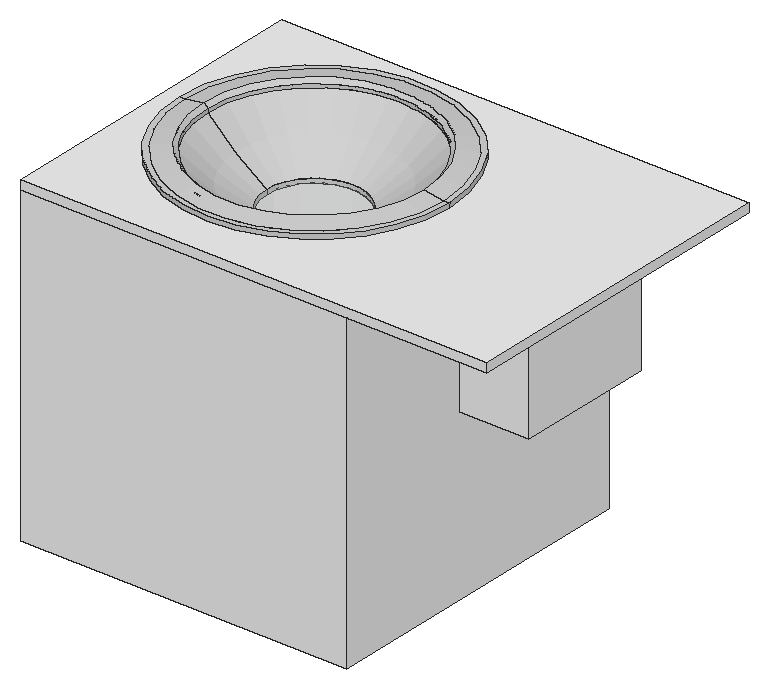
Revit family "FT6QLIC", category Lighting Fixtures, host Face, Revit 2014
Parameters (values of type "FT6QLIC-BA")
  Wattage Comments = "12W- 14W"
  Wattage = 14 W
  built-in parameter 1150110 = 1 (stored number, unit not read)
  Voltage = 120 V
  URL = "https://www.hubbell.com/prescolite/en/"
  built-in parameter 1114217 = 1 (stored number, unit not read)
  Tilt Angle = -90.00°  # constant formula
  built-in parameter 1150109 = 1 (stored number, unit not read)
  built-in parameter 1150134 = 3
  built-in parameter 1150113 = 1 (stored number, unit not read)
  Product Page URL = "https://www.hubbell.com/hubbelllightingci/en/Products/Lighting-Controls/Commercial-Indoor-Lighting/Recessed-Downlights/FT6QLIC/p/212898"
  Product Documentation Link = "https://hubbellcdn.com/specsheet/ft_led_006.pdf"
  Photometric Web File = "6184.ies"
  Model = "FT6QLIC"  # constant formula
  Manufacturer = "Prescolite"  # constant formula
  built-in parameter 1150105 = 165.49 (stored number, unit not read)
  Lumens = 2079.59 lm
  built-in parameter 1150115 = 1 (stored number, unit not read)
  built-in parameter 1150137 = (empty or 0)
  built-in parameter 1150139 = (empty or 0)
  built-in parameter 1150112 = 1 (stored number, unit not read)
  built-in parameter 1150114 = 1 (stored number, unit not read)
  Lamp = ""
  built-in parameter 1150132 = (empty or 0)
  built-in parameter 1150102 = (empty or 0)
  built-in parameter 1150107 = 3200 (stored number, unit not read)
  built-in parameter 1150138 = (empty or 0)
  built-in parameter 1150106 = 1.6549 (stored number, unit not read)
  Glass = Glass - Finish
  Emit from Circle Diameter = 6.000"  # constant formula
  Emit Shape Visible in Rendering = no
  built-in parameter 1150104 = 13.8 (stored number, unit not read)
  Dimming Lamp Color Temperature Shift = <None>
  Description = "6in Fire Resistant, AirShield LED Recessed Downlight IC Rated 120V"  # constant formula
  Default Elevation = 48.000"
  Hardware Finish = Brushed Aluminum
  Contact Us = "https://www.hubbell.com/hubbelllightingci/en/contactUs?productId=212898"
  Color Filter = 16777215
  built-in parameter 1114218 = 1 (stored number, unit not read)
  built-in parameter 1150133 = 10 (stored number, unit not read)
  Apparent Load = 0 VA
Types (5): name | Lamp | Hardware Finish
  (no name) | "" | Brushed Aluminum
  FT6QLIC-WH | "" | White
  FT6QLIC-BL | "" | Black
  FT6QLIC-BA | "" | Brushed Aluminum
  FT6QLIC-BZ | "LED" | Bronze
Reference planes (in)
  plane 1 "Center (Front/Back)": y = 0.03999
  plane 2: z = 0
  plane 3 "Center (Left/Right)": x = 0.32354
  plane 4: x = -4.36396
  plane 5: x = 5.01104
  plane 6: y = 4.72749
  plane 7: y = -4.64751
  plane 8: x = 9.01104
  plane 9: z = -9.25
  plane 10: z = -0.25
  plane 11: z = -6.25
  plane 12: z = 0.25
  plane 13: z = 0.59539
Forms (in)
  Extrusion 1, solid, material "Brushed Aluminum" <- "Hardware Finish"
    sketch origin (0, 0, 0) x (1, 0, 0) y (0, 1, 0)
      loop
        line (-4.36396, 4.72749) -> (-4.36396, -4.64751) -> (9.01104, -4.64751) -> (9.01104, 4.72749) -> (-4.36396, 4.72749)
    from 0 to -0.25
  Extrusion 2, solid, material "Brushed Aluminum" <- "Hardware Finish"
    sketch origin (0, 0, 0) x (1, 0, 0) y (0, 1, 0)
      loop
        line (-4.36396, 4.72749) -> (-4.36396, -4.64751) -> (5.01104, -4.64751) -> (5.01104, 4.72749) -> (-4.36396, 4.72749)
    from -0.25 to -9.25
  Extrusion 3, solid, material "Brushed Aluminum" <- "Hardware Finish"
    sketch origin (0, 0, 0) x (1, 0, 0) y (0, 1, 0)
      loop
        line (6.07136, 2.03422) -> (6.07136, -1.95423) -> (8.07136, -1.95423) -> (8.07136, 2.03422) -> (6.07136, 2.03422)
    from -0.25 to -3.45299
  Extrusion 4, void
    sketch origin (0, 0, 0) x (1, 0, 0) y (0, 1, 0)
      loop
        circle (0.32354, 0.03999) r 3
    from 0 to -6.25
  Extrusion 5, void
    sketch origin (0, 0, 0) x (1, 0, 0) y (0, 1, 0)
      loop
        line (-4.36396, 4.72749) -> (-4.36396, -4.64751) -> (9.01104, -4.64751) -> (9.01104, 4.72749) -> (-4.36396, 4.72749)
    from -9.25 to 0
  Extrusion 6, solid, material "Brushed Aluminum" <- "Hardware Finish"
    sketch origin (0, 0, 0) x (1, 0, 0) y (0, 1, 0)
      loop
        circle (0.32354, 0.03999) r 3.2
      loop
        circle (0.32354, 0.03999) r 3.325
    from -0.25 to 0.25
Cuts and joins
  Extrusion 4 cuts Extrusion 2
  Extrusion 4 cuts Extrusion 1
  joined: Extrusion 1, Extrusion 6
Dimensions and locks (in)
  equal spacing: plane 4, plane 3 "Center (Left/Right)", plane 5
  equal spacing: plane 7, plane 1 "Center (Front/Back)", plane 6
  locked: plane 4 to plane 5 at 9.375
  plane 7 to plane 6 = 9.375"
  locked: plane 4 to plane 8 at 13.375
  locked: plane 2 to plane 9 at 9.25
  locked: plane 2 to plane 10 at 0.25
  equal spacing: Extrusion 3 sketch curve, plane 1 "Center (Front/Back)", Extrusion 3 sketch curve
  aligned and locked: plane 6 to Extrusion 1 sketch curve
  aligned and locked: plane 4 to Extrusion 1 sketch curve
  aligned and locked: Extrusion 1 sketch curve to plane 7
  aligned and locked: Extrusion 1 sketch curve to plane 8
  aligned and locked: plane 10 to Extrusion 1
  aligned and locked: Extrusion 2 sketch curve to Extrusion 1  (x2)
  aligned and locked: Extrusion 2 sketch curve to plane 7
  aligned and locked: Extrusion 2 sketch curve to plane 5
  aligned and locked: Extrusion 2 to plane 9
  aligned and locked: Extrusion 2 to Extrusion 1
  aligned and locked: Extrusion 3 to Extrusion 1
  aligned and locked: Extrusion 4 to plane 11
  aligned and locked: Extrusion 5 sketch curve to cut or joined group of Extrusion 1, Extrusion 4, Extrusion 6  (x4)
  aligned and locked: Extrusion 5 to plane 9
  aligned and locked: level to Extrusion 5
  aligned and locked: Extrusion 1 to Extrusion 6
  aligned and locked: plane 3 "Center (Left/Right)" to nested 1
  aligned and locked: plane 1 "Center (Front/Back)" to nested 1
  aligned and locked: imposter light to plane 13
Automatic sketch dimensions
  plane 5 to Extrusion 3 sketch curve = 1.06032"
  Extrusion 3 sketch curve to plane 8 = 0.93968"
  plane 1 "Center (Front/Back)" to Extrusion 3 sketch curve = 1.99423"
  plane 1 "Center (Front/Back)" to Extrusion 4 sketch curve = 0.000"
  Extrusion 4 sketch curve to plane 3 "Center (Left/Right)" = 0.000"
  host sketch curve to host sketch curve = 96.000"  (x2)
  plane 1 "Center (Front/Back)" to Extrusion 6 sketch curve = 0.000"
  Extrusion 6 sketch curve to plane 3 "Center (Left/Right)" = 0.000"
  Extrusion 6 sketch curve to Extrusion 6 sketch curve = 0.000"  (x2)
  radius of Extrusion 4 sketch curve = 3.000"
  radius of Extrusion 6 sketch curve = 3.200"
  radius of Extrusion 6 sketch curve = 3.325"
Nested families (in)
  nested 1: "Lensed" at (0.32354, 0.03999, 0.25), type "LB6LEDA"
Connectors (in)
  electrical at (5.01104, 0.03999, -4.75), driven by "Description", driven by "Voltage", driven by "Apparent Load", driven by "Apparent Load"
    settings: on cut or joined group of Extrusion 2, Extrusion 4, index 1, voltage 120 V, apparent load 0 VA, apparent load phase1 0 VA, apparent load phase2 0 VA, apparent load phase3 0 VA, power factor 1, load classification "Other", number of poles 1, system type 30, power factor state 1, is connector primary yes, connector utility no, sub classification motor no, connector description "6in Fire Resistant, AirShield LED Recessed Downlight IC Rated 120V"
Definition of nested family "Lensed"
  Parameters (values of type "LB6LEDA")
    Wattage Comments = ""
    URL = ""
    Product Specification Sheet = ""
    Product Page URL = ""
    Model = ""
    Manufacturer Phone = ""
    Manufacturer Fax = ""
    Manufacturer = ""
    Lamp = ""
    Glass = Glass Finish
    Glass Frames = Aluminum
    Description = ""
    Default Elevation = 48.000"
    Apparent Load = 0 VA
  Reference planes (in)
    plane 1 "Center (Front/Back)": y = 0
    plane 2: z = 0
    plane 3 "Center (Left/Right)": x = 0
    plane 4: y = 3.25
    plane 5: y = -3.25
    plane 6: x = -3.25
    plane 7: x = 3.25
  Forms (in)
    Extrusion 1, solid
      sketch origin (0, 0, 0) x (1, 0, 0) y (0, 1, 0)
        loop
          line (-48, 48) -> (-48, -48) -> (48, -48) -> (48, 48) -> (-48, 48)
      from 0 to -24
    Revolve 2, solid, material "Aluminum" <- "Glass Frames"
      sketch origin (0, 0, 0) x (1, 0, 0) y (0, 0, 1)
        loop
          arc (-1.375, -1.38111) -> (-2.26546, -0.74787) -> (-3.06229, -0.00023) r 8.07629
          line (-3.06229, -0.00023) -> (-3.06229, 0.10865) -> (-3.17403, 0.22039) -> (-3.71875, 0.125) -> (-3.875, 0.125) -> (-3.875, 0) -> (-3.21553, 0)
          arc (-3.21553, 0) -> (-2.3503, -0.82165) -> (-1.375, -1.50905) r 8.20129
          line (-1.375, -1.50905) -> (-1.375, -1.38111)
        axis (0, 0.22039) -> (0, -1.50905)
      angle from 0 to 360
    Extrusion 3, solid, material "Glass Finish" <- "Glass"
      sketch origin (0, 0, 0) x (1, 0, 0) y (0, 1, 0)
        loop
          circle (0, 0) r 1.375
      from -1.50905 to -1.38111
  Dimensions and locks (in)
    equal spacing: plane 6, plane 3 "Center (Left/Right)", plane 7
    equal spacing: plane 4, plane 1 "Center (Front/Back)", plane 5
    plane 6 to plane 7 = 6.500"
    plane 4 to plane 5 = 6.500"
    aligned and locked: Extrusion 1 to plane 2
    aligned and locked: level to Extrusion 1
  Automatic sketch dimensions
    Extrusion 1 sketch curve to Extrusion 1 sketch curve = 96.000"  (x2)
    plane 1 "Center (Front/Back)" to Extrusion 3 sketch curve = 0.000"
    Extrusion 3 sketch curve to plane 3 "Center (Left/Right)" = 0.000"
    Revolve 2 sketch curve to plane 3 "Center (Left/Right)" = 0.000"
    Revolve 2 sketch curve to plane 3 "Center (Left/Right)" = 1.375"
    Revolve 2 sketch curve to level = 0.00023"
    plane 6 to Revolve 2 sketch curve = 0.18771"
    plane 6 to Revolve 2 sketch curve = 0.07597"
    plane 6 to Revolve 2 sketch curve = 0.03447"
    level to Revolve 2 sketch curve = 0.125"
    Revolve 2 sketch curve to plane 6 = 0.46875"
    Revolve 2 sketch curve to plane 7 = 0.40041"
    Revolve 2 sketch curve to Revolve 2 sketch curve = 0.000"
    Revolve 2 sketch curve to level = 1.38111"
    Revolve 2 sketch curve to Revolve 2 sketch curve = 0.12794"
    Revolve 2 sketch curve to Revolve 2 sketch curve = 0.88224"
    level to Revolve 2 sketch curve = 0.10865"
    Revolve 2 sketch curve to Revolve 2 sketch curve = 0.11174"
    level to Revolve 2 sketch curve = 0.8587"
    Revolve 2 sketch curve to level = 0.000"
    Revolve 2 sketch curve to Revolve 2 sketch curve = 0.15625"
    radius of Extrusion 3 sketch curve = 1.375"
